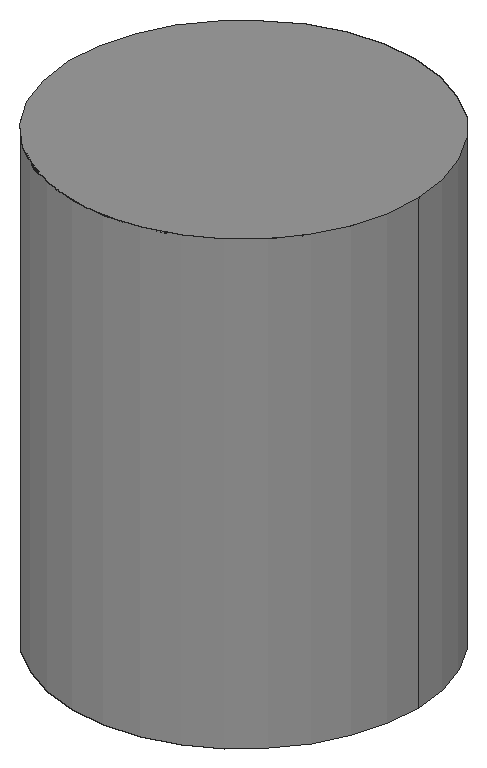
Revit family "REX_2_22W_3000K_2400LM", category Lighting Fixtures, host Ceiling, Revit 2021
Family settings
  Host = Ceiling
  Round Connector Dimension = Use Diameter
  Part Type = Normal
  OmniClass Number = 23.80.70.11
  OmniClass Title = Luminaries for Internal Lighting
  Always vertical = Yes
  Cut with Voids When Loaded = No
  Light Source = Yes
  Shared = No
  Room Calculation Point = No
Parameters (values of type "Type 1")
  Wattage = 16.1571 W
  built-in parameter 1150110 = 1 (stored number, unit not read)
  Type de lampe = "LED XC18-COB Bridgelux 2630"
  Type = "Downlight"
  built-in parameter 1114217 = 1 (stored number, unit not read)
  Tilt Angle = 90.00°
  built-in parameter 1150109 = 1 (stored number, unit not read)
  built-in parameter 1150134 = (empty or 0)
  built-in parameter 1150113 = 1 (stored number, unit not read)
  SDCM = "3"
  Puissance nominale = "22,5W"
  Photometric Web File = "google_eulumdat_converter (25).ies"
  Matériau = "Acier"
  Maintien du flux = "L80B10 (50 000 heures)"
  Lumens = 2400 lm
  built-in parameter 1150115 = 1 (stored number, unit not read)
  built-in parameter 1150105 = 190.99 (stored number, unit not read)
  built-in parameter 1150137 = (empty or 0)
  built-in parameter 1150139 = (empty or 0)
  built-in parameter 1150112 = 1 (stored number, unit not read)
  built-in parameter 1150114 = 1 (stored number, unit not read)
  built-in parameter 1150132 = 2
  built-in parameter 1150102 = (empty or 0)
  built-in parameter 1150138 = (empty or 0)
  built-in parameter 1150107 = 3000 (stored number, unit not read)
  built-in parameter 1150106 = 1.9099 (stored number, unit not read)
  IRC = ">90"
  Fintion = "Blanc et réflecteur chrome"
  built-in parameter 1150104 = 13.8 (stored number, unit not read)
  Durée de vie = "50 000 heures"
  Driver = "Driver Lifud TUV CE RCM CCC"
  Dimming Lamp Color Temperature Shift = <None>
  Dimensions = "Ø 115 mm, H = 160 mm"
  Default Elevation = 0 mm
  Color Filter = 16777215
  built-in parameter 1114218 = 1 (stored number, unit not read)
  built-in parameter 1150133 = 10 (stored number, unit not read)
  Angle d'éclairage = "45°"
  Alimentation luminaire = "AC 220-240V"
Reference planes
  plane 1 "Light Source Axis (F/B)": y = 0
  plane 2: z = 0
  plane 3 "Light Source Axis (L/R)": x = 0
  plane 4 "Ceiling": z = 4000
  plane 5 "Light Source Elevation": z = 3851.516
Forms (mm)
  Extrusion 1, solid, material "Steel, Paint Finish, Ivory, Matte"
    sketch origin (0, 0, 4000) x (0, 1, 0) y (-1, 0, 0)
      loop
        circle (0, 0) r 57.5
    from -150 to 0
  Revolve 2, void
    sketch origin (0, 0, 0) x (1, 0, 0) y (0, 0, 1)
      loop
        line (0, 3845) -> (52.599, 3845)
        arc (52.599, 3845) -> (34.025, 3876.53) -> (0, 3890) r 56.342
        line (0, 3890) -> (0, 3845)
      axis (0, 3890) -> (0, 3845)
    angle from 0 to 360
  Extrusion 3, solid, material "Glass, White, High Luminance"
    sketch origin (0, 0, 4000) x (0, 1, 0) y (-1, 0, 0)
      loop
        circle (0, 0) r 20
    from -121.014 to -108.669
Cuts and joins
  Revolve 2 cuts Extrusion 1
Lines and regions (mm)
  reference lines
    curve 1: line (0, 0, 4000) -> (0, 0, 3850)
    curve 2: line (0, 0, 4000) -> (-40.659, 40.659, 4000)
Dimensions and locks
  equal spacing: host sketch curve, plane 3 "Light Source Axis (L/R)", host sketch curve
  equal spacing: host sketch curve, plane 1 "Light Source Axis (F/B)", host sketch curve
  host sketch curve to host sketch curve = 4000 mm  (x2)
  plane 4 "Ceiling" to host ceiling = 0 mm
  aligned and locked: plane 5 "Light Source Elevation" to imposter light
